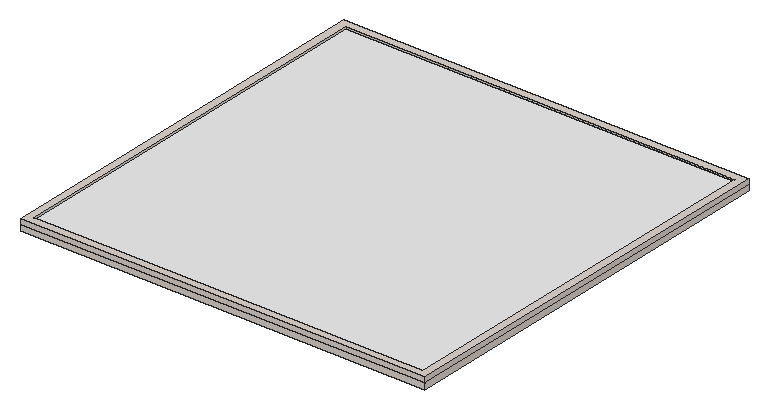
Revit family "SKY LED FLAT PANEL", category Lighting Fixtures, host Face, Revit 2020 (continued)
Types (13): name | Wattage | WATTS | built-in parameter 1150134 | Replaces/Equiv.(MH) | Photometric Web File | Order number | built-in parameter 1150142 | Model | built-in parameter 1150105 | Lumens | built-in parameter 1150107 | built-in parameter 1150106 | Fixture Width | Fixture Length | Default Elevation | Apparent Load
  SFLP24D4835 | 34.1991 W | 48 W | (empty or 0) | "3x32W FL and 4x32W FL" | "SFLP24D4835.IES" | "14224K" | "IESNA:LM-63-2002\r\n[TEST] \r\n[TESTLAB] EVERFINE\r\n[TESTDATE] 2018-10-23\r\n[ISSUEDATE] 2019-05-15 15:22:18\r\n[NEARFIELD] \r\n[LAMPPOSITION] 0,0\r\n[OTHER] EVERFINE GO-2000B_V1 SYSTEM\r\n[MANUFAC] Above All Lighting\r\n[LUMINAIRE] FLB 2002/1000WHQI\r\n[LAMP] 10866-SFLP24D4835\r\n[OTHER] \r\n[OTHER] Gamma(deg)    Fz(lm)      Ft(lm)     %Lum    %Lamp\r\n[OTHER]   0- 10       168.51      168.51     3.21     3.21\r\n[OTHER]  10- 20       485.45      653.96    12.47    12.47\r\n[OTHER]  20- 30       741.60     1395.56    26.60    26.60\r\n[OTHER]  30- 40       899.35     2294.91    43.75    43.75\r\n[OTHER]  40- 50       936.26     3231.17    61.59    61.59\r\n[OTHER]  50- 60       848.42     4079.59    77.77    77.77\r\n[OTHER]  60- 70       651.17     4730.76    90.18    90.18\r\n[OTHER]  70- 80       383.14     5113.91    97.48    97.48\r\n[OTHER]  80- 90       110.67     5224.58    99.59    99.59\r\n[OTHER]  90-100         2.08     5226.66    99.63    99.63\r\n[OTHER] 100-110         2.86     5229.52    99.69    99.69\r\n[OTHER] 110-120         3.39     5232.92    99.75    99.75\r\n[OTHER] 120-130         3.42     5236.33    99.82    99.82\r\n[OTHER] 130-140         3.11     5239.44    99.88    99.88\r\n[OTHER] 140-150         2.66     5242.10    99.93    99.93\r\n[OTHER] 150-160         2.07     5244.17    99.97    99.97\r\n[OTHER] 160-170         1.32     5245.48    99.99    99.99\r\n[OTHER] 170-180         0.45     5245.94   100.00   100.00\r\n[OTHER] \r\nTILT=NONE\r\n1 5245.9 1 181 37 1 2 0.000 0.000 0.000\r\n1.000 1 48.7\r\n0.0    1.0    2.0    3.0    4.0    5.0    6.0    7.0    8.0    9.0    \r\n 10.0   11.0   12.0   13.0   14.0   15.0   16.0   17.0   18.0   19.0   \r\n 20.0   21.0   22.0   23.0   24.0   25.0   26.0   27.0   28.0   29.0   \r\n 30.0   31.0   32.0   33.0   34.0   35.0   36.0   37.0   38.0   39.0   \r\n 40.0   41.0   42.0   43.0   44.0   45.0   46.0   47.0   48.0   49.0   \r\n 50.0   51.0   52.0   53.0   54.0   55.0   56.0   57.0   58.0   59.0   \r\n 60.0   61.0   62.0   63.0   64.0   65.0   66.0   67.0   68.0   69.0   \r\n 70.0   71.0   72.0   73.0   74.0   75.0   76.0   77.0   78.0   79.0   \r\n 80.0   81.0   82.0   83.0   84.0   85.0   86.0   87.0   88.0   89.0   \r\n 90.0   91.0   92.0   93.0   94.0   95.0   96.0   97.0   98.0   99.0   \r\n 100.0  101.0  102.0  103.0  104.0  105.0  106.0  107.0  108.0  109.0  \r\n 110.0  111.0  112.0  113.0  114.0  115.0  116.0  117.0  118.0  119.0  \r\n 120.0  121.0  122.0  123.0  124.0  125.0  126.0  127.0  128.0  129.0  \r\n 130.0  131.0  132.0  133.0  134.0  135.0  136.0  137.0  138.0  139.0  \r\n 140.0  141.0  142.0  143.0  144.0  145.0  146.0  147.0  148.0  149.0  \r\n 150.0  151.0  152.0  153.0  154.0  155.0  156.0  157.0  158.0  159.0  \r\n 160.0  161.0  162.0  163.0  164.0  165.0  166.0  167.0  168.0  169.0  \r\n 170.0  171.0  172.0  173.0  174.0  175.0  176.0  177.0  178.0  179.0  \r\n 180.0  \r\n0.0    10.0   20.0   30.0   40.0   50.0   60.0   70.0   80.0   90.0   \r\n 100.0  110.0  120.0  130.0  140.0  150.0  160.0  170.0  180.0  190.0  \r\n 200.0  210.0  220.0  230.0  240.0  250.0  260.0  270.0  280.0  290.0  \r\n 300.0  310.0  320.0  330.0  340.0  350.0  360.0  \r\n1778.35  1776.91  1773.32  1772.34  1770.19  1768.25  1764.90  1761.75  1757.21  1753.10  \r\n 1748.54  1744.00  1738.45  1733.43  1725.71  1719.97  1712.95  1704.56  1696.34  1687.25  \r\n 1677.69  1667.30  1657.26  1645.18  1632.95  1621.09  1606.27  1593.67  1576.71  1563.08  \r\n 1545.98  1528.87  1510.33  1492.04  1472.22  1454.45  1432.88  1412.81  1390.46  1367.94  \r\n 1345.81  1322.72  1299.36  1274.46  1250.87  1224.78  1199.59  1174.42  1148.71  1122.27  \r\n 1095.89  1069.24  1040.46  1013.70  985.11   957.52   928.75   900.35   870.62   841.82   \r\n 811.67   781.59   751.78   722.55   691.62   661.34   631.36   601.22   570.50   540.22   \r\n 510.20   478.91   449.66   419.60   390.02   360.92   332.44   303.21   275.41   247.11   \r\n 220.02   193.69   167.75   142.80   117.85   94.96    72.05    51.02    30.26    11.69    \r\n 1.92     1.49     1.60     1.71     1.82     1.93     2.04     2.14     2.24     2.34     \r\n 2.44     2.54     2.63     2.73     2.82     2.90     2.99     3.06     3.13     3.20     \r\n 3.26     3.33     3.38     3.44     3.49     3.54     3.58     3.63     3.67     3.71     \r\n 3.74     3.77     3.80     3.82     3.85     3.87     3.89     3.90     3.92     3.94     \r\n 3.95     3.96     3.97     3.98     3.98     3.99     3.99     4.00     4.01     4.01     \r\n 4.02     4.04     4.05     4.05     4.04     4.04     4.04     4.04     4.04     4.04     \r\n 4.04     4.04     4.04     4.04     4.04     4.05     4.06     4.07     4.08     4.10     \r\n 4.11     4.13     4.15     4.18     4.20     4.23     4.25     4.29     4.31     4.34     \r\n 4.36     4.38     4.41     4.43     4.46     4.48     4.51     4.53     4.55     4.56     \r\n 4.58     \r\n1778.35  1778.33  1776.67  1775.46  1772.84  1770.91  1768.05  1763.73  1759.19  1755.13  \r\n 1751.75  1745.10  1741.45  1735.01  1727.33  1721.82  1714.13  1705.07  1698.38  1689.02  \r\n 1679.01  1668.18  1657.18  1645.14  1632.51  1619.26  1604.72  1589.95  1575.25  1558.53  \r\n 1542.38  1522.85  1505.24  1485.70  1466.66  1445.93  1423.71  1402.97  1381.05  1359.59  \r\n 1336.01  1312.39  1289.51  1265.18  1240.56  1214.83  1189.76  1164.02  1138.47  1111.78  \r\n 1084.08  1058.02  1030.63  1002.43  974.07   947.06   917.29   889.31   859.92   831.08   \r\n 800.97   770.61   740.58   711.25   682.44   653.62   623.84   593.39   563.54   532.50   \r\n 503.12   471.99   442.75   412.71   383.31   354.47   325.42   296.82   268.97   241.67   \r\n 214.45   187.98   162.09   137.13   112.39   89.59    68.04    46.51    26.01    8.89     \r\n 1.61     1.54     1.65     1.76     1.87     1.97     2.08     2.17     2.27     2.37     \r\n 2.47     2.57     2.66     2.75     2.83     2.92     3.00     3.07     3.14     3.20     \r\n 3.26     3.32     3.37     3.42     3.47     3.52     3.55     3.59     3.63     3.66     \r\n 3.69     3.72     3.74     3.76     3.78     3.79     3.81     3.82     3.83     3.84     \r\n 3.85     3.86     3.87     3.87     3.88     3.88     3.90     3.90     3.92     3.93     \r\n 3.95     3.97     3.97     3.97     3.96     3.97     3.97     3.97     3.97     3.97     \r\n 3.97     3.98     3.99     4.00     4.01     4.02     4.03     4.04     4.06     4.09     \r\n 4.11     4.13     4.16     4.18     4.21     4.23     4.25     4.28     4.31     4.33     \r\n 4.36     4.39     4.41     4.44     4.46     4.48     4.50     4.51     4.53     4.53     \r\n 4.58     \r\n1778.35  1775.52  1775.28  1773.36  1771.47  1767.65  1766.23  1760.96  1756.23  1752.62  \r\n 1747.15  1740.52  1735.49  1730.04  1722.63  1716.23  1706.19  1698.82  1689.95  1680.00  \r\n 1669.11  1658.81  1647.20  1635.46  1622.87  1608.04  1594.77  1579.68  1563.81  1547.71  \r\n 1529.69  1511.67  1493.75  1474.21  1452.72  1433.71  1410.94  1390.79  1367.87  1345.63  \r\n 1322.90  1299.14  1276.46  1250.81  1227.09  1201.71  1176.97  1151.74  1125.13  1099.66  \r\n 1071.70  1045.60  1017.40  990.69   962.63   933.97   904.98   877.05   847.05   819.06   \r\n 789.19   759.23   729.62   700.32   669.45   639.89   609.28   579.72   549.33   518.92   \r\n 489.11   459.27   429.83   400.24   370.68   342.47   314.36   285.14   258.04   230.21   \r\n 204.09   177.94   153.15   128.36   104.06   81.67    59.19    38.49    18.10    4.22     \r\n 1.47     1.56     1.65     1.75     1.85     1.96     2.05     2.16     2.25     2.35     \r\n 2.45     2.55     2.65     2.74     2.82     2.91     2.98     3.06     3.13     3.19     \r\n 3.25     3.31     3.36     3.41     3.46     3.50     3.54     3.58     3.62     3.64     \r\n 3.67     3.69     3.72     3.73     3.75     3.76     3.77     3.78     3.79     3.80     \r\n 3.80     3.81     3.81     3.82     3.82     3.83     3.83     3.84     3.84     3.85     \r\n 3.85     3.85     3.85     3.85     3.85     3.86     3.87     3.88     3.88     3.89     \r\n 3.91     3.91     3.93     3.94     3.95     3.97     3.99     4.01     4.02     4.04     \r\n 4.06     4.08     4.11     4.13     4.16     4.18     4.21     4.23     4.26     4.29     \r\n 4.31     4.33     4.35     4.38     4.39     4.41     4.42     4.43     4.45     4.46     \r\n 4.58     \r\n1778.35  1779.52  1777.41  1775.97  1772.21  1770.51  1766.97  1763.64  1758.20  1754.18  \r\n 1748.23  1742.56  1736.36  1729.97  1722.13  1714.32  1706.68  1698.18  1687.80  1678.48  \r\n 1667.86  1655.24  1644.81  1633.12  1619.20  1605.83  1590.48  1574.67  1558.91  1542.82  \r\n 1524.22  1506.98  1487.19  1467.36  1447.55  1425.83  1405.46  1383.28  1362.50  1339.37  \r\n 1316.94  1292.37  1270.64  1245.37  1221.93  1196.21  1170.43  1144.69  1119.15  1092.71  \r\n 1065.27  1038.04  1011.38  984.63   956.07   928.61   898.64   869.98   841.33   811.82   \r\n 782.23   752.39   723.12   693.14   664.78   636.43   606.84   576.34   546.54   515.91   \r\n 486.70   455.74   426.47   397.41   368.30   339.70   311.44   283.09   255.40   228.34   \r\n 201.55   175.46   149.74   125.48   101.34   78.73    57.23    35.74    16.16    3.28     \r\n 1.46     1.54     1.64     1.74     1.85     1.95     2.04     2.13     2.23     2.32     \r\n 2.42     2.52     2.61     2.70     2.79     2.89     2.97     3.05     3.12     3.19     \r\n 3.25     3.30     3.36     3.42     3.46     3.51     3.55     3.58     3.61     3.64     \r\n 3.67     3.69     3.71     3.72     3.74     3.75     3.76     3.76     3.77     3.77     \r\n 3.78     3.78     3.78     3.78     3.78     3.78     3.78     3.78     3.78     3.78     \r\n 3.79     3.79     3.79     3.80     3.81     3.82     3.84     3.85     3.86     3.87     \r\n 3.88     3.90     3.92     3.92     3.94     3.95     3.98     4.00     4.02     4.04     \r\n 4.06     4.09     4.12     4.13     4.15     4.18     4.20     4.22     4.24     4.27     \r\n 4.28     4.31     4.33     4.36     4.38     4.41     4.43     4.46     4.49     4.52     \r\n 4.58     \r\n1778.35  1778.58  1777.40  1776.67  1772.43  1770.75  1767.22  1763.19  1761.06  1754.40  \r\n 1748.97  1742.61  1737.60  1730.30  1722.91  1713.73  1705.16  1695.71  1686.17  1674.88  \r\n 1665.23  1653.33  1641.56  1627.52  1615.47  1600.02  1587.06  1570.89  1555.82  1540.51  \r\n 1522.64  1504.76  1485.02  1466.62  1445.84  1426.35  1404.21  1385.13  1362.56  1340.30  \r\n 1317.93  1294.72  1271.64  1247.21  1223.07  1199.13  1174.53  1147.69  1122.27  1096.08  \r\n 1070.32  1043.94  1015.15  988.54   960.09   932.89   904.69   876.15   847.36   817.78   \r\n 788.57   759.27   728.85   699.20   669.65   639.39   609.42   579.26   549.99   519.52   \r\n 489.83   460.06   430.74   401.51   372.18   343.74   315.64   287.09   259.84   232.14   \r\n 205.69   179.79   154.79   129.80   105.43   82.76    59.87    38.62    18.53    4.66     \r\n 1.43     1.51     1.60     1.71     1.80     1.90     1.99     2.09     2.18     2.28     \r\n 2.37     2.46     2.55     2.65     2.74     2.83     2.91     3.00     3.08     3.16     \r\n 3.23     3.29     3.35     3.41     3.46     3.50     3.54     3.58     3.62     3.65     \r\n 3.67     3.70     3.72     3.73     3.75     3.76     3.77     3.78     3.78     3.78     \r\n 3.78     3.78     3.78     3.78     3.77     3.77     3.77     3.77     3.76     3.76     \r\n 3.76     3.75     3.75     3.76     3.77     3.79     3.81     3.84     3.86     3.88     \r\n 3.89     3.91     3.93     3.96     3.97     4.00     4.01     4.03     4.05     4.07     \r\n 4.09     4.11     4.14     4.16     4.19     4.21     4.23     4.25     4.28     4.30     \r\n 4.33     4.36     4.39     4.43     4.46     4.50     4.53     4.57     4.60     4.63     \r\n 4.58     \r\n1778.35  1777.18  1776.94  1775.29  1772.00  1769.14  1767.02  1763.23  1759.22  1753.59  \r\n 1748.82  1741.54  1734.64  1728.03  1720.45  1712.43  1702.93  1693.99  1683.41  1671.07  \r\n 1660.70  1649.06  1636.80  1622.55  1610.07  1596.29  1580.77  1565.47  1547.43  1532.55  \r\n 1515.21  1497.33  1477.84  1458.08  1438.58  1418.82  1397.83  1376.67  1355.03  1333.38  \r\n 1309.63  1287.73  1263.51  1239.48  1214.72  1191.19  1165.76  1139.65  1114.43  1087.15  \r\n 1061.21  1035.26  1007.99  980.63   952.64   925.04   895.88   867.81   839.03   810.56   \r\n 780.85   750.88   721.47   691.37   663.21   635.08   605.46   575.53   546.21   515.77   \r\n 486.59   456.48   427.73   398.31   369.28   340.65   312.57   284.53   257.47   230.10   \r\n 203.88   177.78   152.46   127.82   103.80   80.75    58.91    37.08    16.98    3.94     \r\n 1.45     1.49     1.58     1.68     1.79     1.88     1.98     2.07     2.17     2.26     \r\n 2.35     2.45     2.53     2.62     2.71     2.80     2.89     2.98     3.06     3.14     \r\n 3.22     3.30     3.37     3.44     3.49     3.54     3.59     3.63     3.67     3.70     \r\n 3.73     3.75     3.77     3.79     3.80     3.81     3.82     3.83     3.84     3.84     \r\n 3.84     3.84     3.84     3.84     3.83     3.82     3.82     3.81     3.80     3.80     \r\n 3.79     3.78     3.78     3.79     3.80     3.82     3.85     3.88     3.89     3.91     \r\n 3.93     3.95     3.97     3.99     4.02     4.04     4.06     4.09     4.11     4.14     \r\n 4.16     4.19     4.21     4.24     4.26     4.29     4.32     4.35     4.39     4.43     \r\n 4.47     4.51     4.54     4.58     4.61     4.64     4.67     4.69     4.72     4.75     \r\n 4.58     \r\n1778.35  1775.30  1775.78  1775.29  1772.70  1771.02  1766.31  1762.98  1758.51  1753.74  \r\n 1747.14  1741.96  1735.06  1727.54  1720.39  1710.74  1701.47  1693.21  1681.80  1671.68  \r\n 1659.45  1646.85  1635.09  1621.07  1609.03  1593.33  1578.04  1562.59  1547.29  1530.94  \r\n 1514.58  1496.35  1476.74  1458.81  1438.99  1419.78  1398.33  1376.63  1355.19  1333.75  \r\n 1311.42  1288.60  1265.07  1241.11  1217.87  1192.36  1169.04  1143.62  1116.50  1092.02  \r\n 1065.27  1037.97  1011.27  983.71   956.27   929.29   900.27   871.52   842.86   814.50   \r\n 785.55   756.10   727.23   697.59   667.57   638.16   608.40   578.84   549.15   519.15   \r\n 490.06   460.55   431.41   402.16   373.57   345.42   317.47   289.05   262.06   234.62   \r\n 208.40   182.70   157.58   133.10   108.63   85.74    62.40    41.07    19.96    5.61     \r\n 1.41     1.47     1.56     1.65     1.75     1.85     1.94     2.04     2.13     2.23     \r\n 2.32     2.41     2.50     2.59     2.67     2.76     2.84     2.93     3.02     3.11     \r\n 3.19     3.27     3.35     3.43     3.51     3.57     3.61     3.66     3.70     3.74     \r\n 3.77     3.80     3.82     3.84     3.86     3.88     3.88     3.89     3.90     3.90     \r\n 3.90     3.90     3.90     3.90     3.90     3.89     3.89     3.88     3.87     3.87     \r\n 3.86     3.86     3.86     3.87     3.89     3.91     3.96     3.99     4.01     4.03     \r\n 4.05     4.07     4.09     4.12     4.15     4.19     4.23     4.26     4.30     4.33     \r\n 4.36     4.39     4.42     4.45     4.49     4.52     4.56     4.60     4.64     4.69     \r\n 4.72     4.76     4.80     4.83     4.86     4.89     4.92     4.94     4.97     4.98     \r\n 4.58     \r\n1778.35  1776.48  1775.06  1774.81  1772.00  1769.14  1767.01  1762.28  1756.85  1751.89  \r\n 1746.89  1740.31  1733.64  1724.67  1717.06  1708.32  1699.75  1689.15  1679.02  1667.60  \r\n 1655.59  1643.44  1631.16  1618.77  1603.70  1589.87  1574.33  1558.08  1541.41  1525.58  \r\n 1507.26  1488.88  1470.78  1452.40  1431.93  1410.97  1391.35  1370.40  1348.26  1327.05  \r\n 1304.21  1280.40  1258.95  1233.73  1210.10  1184.67  1161.54  1136.11  1108.97  1083.99  \r\n 1057.33  1030.63  1003.79  977.80   949.54   922.14   892.70   865.05   835.77   807.96   \r\n 778.21   749.38   720.64   690.49   662.50   634.54   605.75   575.76   546.54   516.24   \r\n 487.72   458.13   429.21   399.80   371.06   342.96   315.33   287.38   260.29   233.42   \r\n 207.18   181.53   156.30   132.07   107.73   84.81    62.60    40.40    19.24    5.09     \r\n 1.47     1.47     1.55     1.65     1.75     1.85     1.95     2.04     
